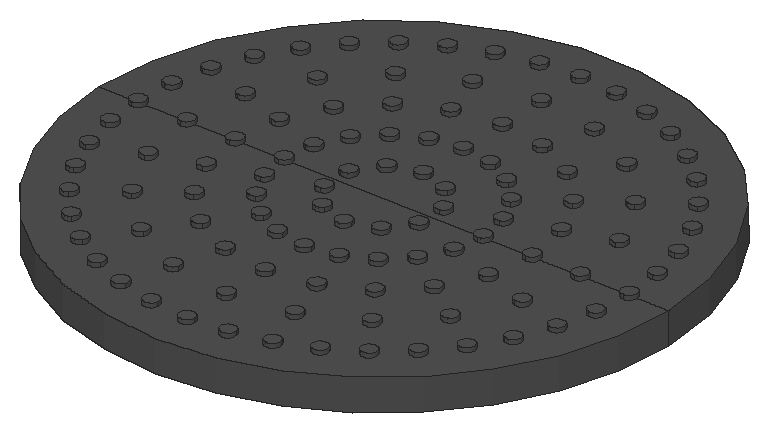
Revit family "Reece_Shower_Roca_Ona_Overhead Shower", category Plumbing Fixtures, host Face, Revit 2018
Family settings
  Host = Face
  Round Connector Dimension = Use Diameter
  Part Type = Normal
  Cut with Voids When Loaded = No
  Shared = Yes
  Room Calculation Point = Yes
Parameters (values of type "252mm_Matte Black")
  WFU = 0  # constant formula
  URL = "https://www.reece.com.au/product/-15023"
  Type Comments = "Shower"
  Reece_Shower_Inlet = 12 mm  # constant formula
  Reece_Product_Web Page = "https://www.reece.com.au/product/-15023"
  Reece_Product_Type = "Shower"  # constant formula
  Reece_Product_Sub Brand = "Ona"  # constant formula
  Reece_Product_Number = "15023"
  Reece_Product_Mount = ""
  Reece_Product_Description = "Roca Ona ABS Overhead Shower 250mm Matte Black (3 Star)"
  Reece_Product_Brand = "Roca"  # constant formula
  Reece_Overall_Height = 59 mm  # constant formula
  Reece_Overall_Diameter = 252 mm  # constant formula
  Reece_Material_Secondary = Reece_Brass_Matte Black_Rhombus Pattern
  Reece_Material_Main = Reece_Brass_Matte Black
  Reece_Material_Colour = Reece_Plastic_ABS_Matte Black
  Reece_Detail_Shape = "Round"  # constant formula
  Reece_Detail_Disclaimer = "THIS FILE IS THE PROPERTY OF THE REECE GROUP. IT MAY NOT BE REPRODUCED, REVERSE-ENGINEERED, OR MODIFIED. ANY REPUBLICATION, TRANSMISSION, OR DISTRIBUTION FOR THE PURPOSE OF COMMERCIALLY EXPLOITING THE FILES IS PROHIBITED."  # constant formula
  Reece_Detail_Additional = "Shower Head"  # constant formula
  Model = "Ona"
  Manufacturer = "Roca"
  Keynote = "Product #15023, Reece_Shower_Roca_Ona_Overhead Shower - 252mm_Matte Black"
  HWFU = 0  # constant formula
  Disclaimer = "THIS FILE IS THE PROPERTY OF THE REECE GROUP. IT MAY NOT BE REPRODUCED, REVERSE-ENGINEERED, OR MODIFIED. ANY REPUBLICATION, TRANSMISSION, OR DISTRIBUTION FOR THE PURPOSE OF COMMERCIALLY EXPLOITING THE FILES IS PROHIBITED."  # constant formula
  Description = "Roca Ona ABS Overhead Shower 250mm Matte Black (3 Star)"
  Default Elevation = 0 mm
  CWFU = 0  # constant formula
Types (5, lengths in mm): name | URL | Reece_Product_Web Page | Reece_Product_Number | Reece_Product_Description | Reece_Material_Secondary | Reece_Material_Main | Reece_Material_Colour | Keynote | Description
  252mm_Chrome | "https://www.reece.com.au/product/-14961" | "https://www.reece.com.au/product/-14961" | "14961" | "Roca Ona ABS Overhead Shower 250mm Chrome (3 Star)" | Reece_Brass_Chrome_Rhombus Pattern | Reece_Brass_Chrome | Reece_Plastic_Grey | "Product #14961, Reece_Shower_Roca_Ona_Overhead Shower - 252mm_Chrome" | "Roca Ona ABS Overhead Shower 250mm Chrome (3 Star)"
  252mm_Brushed Brass | "https://www.reece.com.au/product/-15026" | "https://www.reece.com.au/product/-15026" | "15026" | "Roca Ona ABS Overhead Shower 250mm Brushed Brass (3 Star)" | Reece_Brass_Brushed_Rhombus Pattern | Reece_Brass_Brushed | Reece_Plastic_Grey | "Product #15026, Reece_Shower_Roca_Ona_Overhead Shower - 252mm_Brushed Brass" | "Roca Ona ABS Overhead Shower 250mm Brushed Brass (3 Star)"
  252mm_Brushed Nickel | "https://www.reece.com.au/product/-15025" | "https://www.reece.com.au/product/-15025" | "15025" | "Roca Ona ABS Overhead Shower 250mm Brushed Nickel (3 Star)" | Reece_Brass_Brushed Nickel_Rhombus Pattern | Reece_Brass_Brushed Nickel | Reece_Plastic_Grey | "Product #15025, Reece_Shower_Roca_Ona_Overhead Shower - 252mm_Brushed Nickel" | "Roca Ona ABS Overhead Shower 250mm Brushed Nickel (3 Star)"
  252mm_Matte White | "https://www.reece.com.au/product/-15024" | "https://www.reece.com.au/product/-15024" | "15024" | "Roca Ona ABS Overhead Shower 250mm Matte White (3 Star)" | Reece_Brass_Brushed Matte White_Rhombus Pattern | Reece_Brass_Brushed Matte White | Reece_Plastic_ABS_White | "Product #15024, Reece_Shower_Roca_Ona_Overhead Shower - 252mm_Matte White" | "Roca Ona ABS Overhead Shower 250mm Matte White (3 Star)"
  252mm_Matte Black | "https://www.reece.com.au/product/-15023" | "https://www.reece.com.au/product/-15023" | "15023" | "Roca Ona ABS Overhead Shower 250mm Matte Black (3 Star)" | Reece_Brass_Matte Black_Rhombus Pattern | Reece_Brass_Matte Black | Reece_Plastic_ABS_Matte Black | "Product #15023, Reece_Shower_Roca_Ona_Overhead Shower - 252mm_Matte Black" | "Roca Ona ABS Overhead Shower 250mm Matte Black (3 Star)"
Reference planes
  plane 1 "Center (Front/Back)": y = 0
  plane 2: z = 0
  plane 3 "Center (Left/Right)": x = 0
  plane 4: x = -126
  plane 5: x = 126
  plane 6: y = 126
  plane 7: y = -126
  plane 8: z = 59
  plane 9 "Surface": z = 57.4
  plane 10: y = -126
Forms (mm)
  Revolve 1, solid, material "Reece_Brass_Matte Black" <- "Reece_Material_Main"
    sketch origin (0, 0, 0) x (1, 0, 0) y (0, 0, 1)
      loop
        line (-17.5, 40.6) -> (-17.5, 34.6) -> (-14.496, 34.6) -> (-17.5, 34.231) -> (-17.5, 31.231) -> (-15.5, 31.231) -> (-15.5, 24.231) -> (-17.5, 24.231) -> (-17.5, 21.231)
        arc (-17.5, 21.231) -> (-16.914, 19.817) -> (-15.5, 19.231) r 2
        line (-15.5, 19.231) -> (-12.4, 19.231) -> (-12.4, 18.431) -> (-9.9, 18.431) -> (-9, 17.531) -> (-9, 15) -> (-11.5, 15) -> (-11.5, 0) -> (-6, 0) -> (-6, 5) -> (0, 5) -> (0, 57.4) -> (-126, 57.4) -> (-126, 43.4) -> (-124, 43.4) -> (-124, 42.6) -> (-19.5, 42.6)
        arc (-19.5, 42.6) -> (-18.086, 42.014) -> (-17.5, 40.6) r 2
      axis (0, 57.4) -> (0, 0)
    angle from 0 to 360
  Revolve 2, solid, material "Reece_Brass_Matte Black_Rhombus Pattern" <- "Reece_Material_Secondary"
    sketch origin (0, 0, 0) x (1, 0, 0) y (0, 0, 1)
      loop
        line (-15.5, 31.231) -> (-17.656, 31.231) -> (-17.656, 24.231) -> (-15.5, 24.231) -> (-15.5, 31.231)
      axis (0, 31.231) -> (0, 24.231)
    angle from 0 to 360
  Extrusion 3, solid, material "Reece_Plastic_ABS_Matte Black" <- "Reece_Material_Colour", detail levels fine
    sketch origin (0, 0, 57.4) x (-1, 0, 0) y (0, -1, 0)
      loop
        circle (33.596, -103.399) r 3.3
      loop
        circle (17.008, -107.381) r 3.3
      loop
        circle (49.358, -96.87) r 3.3
      loop
        circle (63.904, -87.956) r 3.3
      loop
        circle (76.877, -76.877) r 3.3
      loop
        circle (87.956, -63.904) r 3.3
      loop
        circle (96.87, -49.358) r 3.3
      loop
        circle (103.399, -33.596) r 3.3
      loop
        circle (107.381, -17.008) r 3.3
      loop
        circle (82.742, -26.884) r 3.3
      loop
        circle (70.384, -51.137) r 3.3
      loop
        circle (51.137, -70.384) r 3.3
      loop
        circle (26.884, -82.742) r 3.3
      loop
        circle (20.272, -62.389) r 3.3
      loop
        circle (38.559, -53.072) r 3.3
      loop
        circle (53.072, -38.559) r 3.3
      loop
        circle (62.389, -20.272) r 3.3
      loop
        circle (41.846, -13.597) r 3.3
      loop
        circle (35.597, -25.863) r 3.3
      loop
        circle (25.863, -35.597) r 3.3
      loop
        circle (13.597, -41.846) r 3.3
      loop
        circle (12.931, -17.798) r 3.3
      loop
        circle (20.923, -6.798) r 3.3
      loop
        circle (-33.596, -103.399) r 3.3
      loop
        circle (-17.008, -107.381) r 3.3
      loop
        circle (-49.358, -96.87) r 3.3
      loop
        circle (-63.904, -87.956) r 3.3
      loop
        circle (-76.877, -76.877) r 3.3
      loop
        circle (-87.956, -63.904) r 3.3
      loop
        circle (-96.87, -49.358) r 3.3
      loop
        circle (-103.399, -33.596) r 3.3
      loop
        circle (-107.381, -17.008) r 3.3
      loop
        circle (-82.742, -26.884) r 3.3
      loop
        circle (-70.384, -51.137) r 3.3
      loop
        circle (-51.137, -70.384) r 3.3
      loop
        circle (-26.884, -82.742) r 3.3
      loop
        circle (-20.272, -62.389) r 3.3
      loop
        circle (-38.559, -53.072) r 3.3
      loop
        circle (-53.072, -38.559) r 3.3
      loop
        circle (-62.389, -20.272) r 3.3
      loop
        circle (-41.846, -13.597) r 3.3
      loop
        circle (-35.597, -25.863) r 3.3
      loop
        circle (-25.863, -35.597) r 3.3
      loop
        circle (-13.597, -41.846) r 3.3
      loop
        circle (-12.931, -17.798) r 3.3
      loop
        circle (-20.923, -6.798) r 3.3
      loop
        circle (-33.596, 103.399) r 3.3
      loop
        circle (-17.008, 107.381) r 3.3
      loop
        circle (-49.358, 96.87) r 3.3
      loop
        circle (-63.904, 87.956) r 3.3
      loop
        circle (-76.877, 76.877) r 3.3
      loop
        circle (-87.956, 63.904) r 3.3
      loop
        circle (-96.87, 49.358) r 3.3
      loop
        circle (-103.399, 33.596) r 3.3
      loop
        circle (-107.381, 17.008) r 3.3
      loop
        circle (-82.742, 26.884) r 3.3
      loop
        circle (-70.384, 51.137) r 3.3
      loop
        circle (-51.137, 70.384) r 3.3
      loop
        circle (-26.884, 82.742) r 3.3
      loop
        circle (-20.272, 62.389) r 3.3
      loop
        circle (-38.559, 53.072) r 3.3
      loop
        circle (-53.072, 38.559) r 3.3
      loop
        circle (-62.389, 20.272) r 3.3
      loop
        circle (-41.846, 13.597) r 3.3
      loop
        circle (-35.597, 25.863) r 3.3
      loop
        circle (-25.863, 35.597) r 3.3
      loop
        circle (-13.597, 41.846) r 3.3
      loop
        circle (-12.931, 17.798) r 3.3
      loop
        circle (-20.923, 6.798) r 3.3
      loop
        circle (33.596, 103.399) r 3.3
      loop
        circle (17.008, 107.381) r 3.3
      loop
        circle (49.358, 96.87) r 3.3
      loop
        circle (63.904, 87.956) r 3.3
      loop
        circle (76.877, 76.877) r 3.3
      loop
        circle (87.956, 63.904) r 3.3
      loop
        circle (96.87, 49.358) r 3.3
      loop
        circle (103.399, 33.596) r 3.3
      loop
        circle (107.381, 17.008) r 3.3
      loop
        circle (82.742, 26.884) r 3.3
      loop
        circle (70.384, 51.137) r 3.3
      loop
        circle (51.137, 70.384) r 3.3
      loop
        circle (26.884, 82.742) r 3.3
      loop
        circle (20.272, 62.389) r 3.3
      loop
        circle (38.559, 53.072) r 3.3
      loop
        circle (53.072, 38.559) r 3.3
      loop
        circle (62.389, 20.272) r 3.3
      loop
        circle (41.846, 13.597) r 3.3
      loop
        circle (35.597, 25.863) r 3.3
      loop
        circle (25.863, 35.597) r 3.3
      loop
        circle (13.597, 41.846) r 3.3
      loop
        circle (12.931, 17.798) r 3.3
      loop
        circle (20.923, 6.798) r 3.3
      loop
        circle (0, -108.72) r 3.3
      loop
        circle (0, -87) r 3.3
      loop
        circle (0, -65.6) r 3.3
      loop
        circle (0, -44) r 3.3
      loop
        circle (0, -22) r 3.3
      loop
        circle (0, 22) r 3.3
      loop
        circle (0, 44) r 3.3
      loop
        circle (0, 65.6) r 3.3
      loop
        circle (0, 87) r 3.3
      loop
        circle (0, 108.72) r 3.3
      loop
        circle (108.72, 0) r 3.3
      loop
        circle (87, 0) r 3.3
      loop
        circle (65.6, 0) r 3.3
      loop
        circle (44, 0) r 3.3
      loop
        circle (-44, 0) r 3.3
      loop
        circle (-65.6, 0) r 3.3
      loop
        circle (-87, 0) r 3.3
      loop
        circle (-108.72, 0) r 3.3
    from 0 to 1.6
  Extrusion 4, void
    sketch origin (0, 0, 0) x (1, 0, 0) y (0, 0, 1)
      loop
        line (-10.5, 17.531) -> (-13.5, 17.531) -> (-13.5, 9.693) -> (-10.5, 9.693) -> (-10.5, 17.531)
      loop
        line (10.5, 17.531) -> (10.5, 9.693) -> (13.5, 9.693) -> (13.5, 17.531) -> (10.5, 17.531)
    from -3.5 to 3.5
Cuts and joins
  Extrusion 4 cuts Revolve 1
Text (mm)
  text "Reece ©" at (-684.407, -223.434, 0), in view "Ref. Level"
  text "Reece ©" at (290.323, 26.521, 334.836), in view "Reece_Preview"
Dimensions and locks
  equal spacing: plane 7, plane 1 "Center (Front/Back)", plane 6
  "Reece_Overall_Diameter": plane 7 to plane 6
  equal spacing: plane 4, plane 3 "Center (Left/Right)", plane 5
  "Reece_Overall_Diameter": plane 4 to plane 5
  "Reece_Overall_Height": plane 8 to plane 2
  locked: plane 8 to plane 9 "Surface" at 1.6
  aligned and locked: plane 2 to host face
  aligned and locked: level to host face
  aligned and locked: Revolve 1 sketch curve to plane 3 "Center (Left/Right)"
  aligned and locked: Revolve 2 sketch curve to plane 3 "Center (Left/Right)"
  aligned and locked: plane 8 to Extrusion 3
Automatic sketch dimensions
  host sketch curve to host sketch curve = 407.898 mm
  host sketch curve to host sketch curve = 410.737 mm
  Revolve 2 sketch curve to plane 3 "Center (Left/Right)" = 15.5 mm
  Revolve 2 sketch curve to Revolve 2 sketch curve = 2.156 mm
  level to Revolve 2 sketch curve = 24.231 mm
  Revolve 2 sketch curve to Revolve 2 sketch curve = 7 mm
  level to Revolve 2 sketch curve = 8.859 mm
  Revolve 2 sketch curve to Revolve 2 sketch curve = 6.627 mm
  Extrusion 3 sketch curve to Extrusion 3 sketch curve = 0 mm  (x95)
  plane 5 to Extrusion 3 sketch curve = 18.619 mm  (x2)
  Extrusion 3 sketch curve to Extrusion 3 sketch curve = 3.983 mm  (x8)
  Extrusion 3 sketch curve to Extrusion 3 sketch curve = 6.529 mm  (x8)
  Extrusion 3 sketch curve to Extrusion 3 sketch curve = 8.914 mm  (x8)
  Extrusion 3 sketch curve to Extrusion 3 sketch curve = 20.657 mm  (x2)
  Extrusion 3 sketch curve to Extrusion 3 sketch curve = 11.08 mm  (x8)
  Extrusion 3 sketch curve to Extrusion 3 sketch curve = 17.572 mm  (x2)
  Extrusion 3 sketch curve to Extrusion 3 sketch curve = 12.973 mm  (x8)
  Extrusion 3 sketch curve to Extrusion 3 sketch curve = 20.353 mm  (x8)
  Extrusion 3 sketch curve to Extrusion 3 sketch curve = 9.318 mm  (x8)
  Extrusion 3 sketch curve to Extrusion 3 sketch curve = 12.767 mm  (x2)
  Extrusion 3 sketch curve to Extrusion 3 sketch curve = 14.546 mm  (x8)
  Extrusion 3 sketch curve to Extrusion 3 sketch curve = 20.543 mm  (x2)
  Extrusion 3 sketch curve to Extrusion 3 sketch curve = 14.513 mm  (x8)
  Extrusion 3 sketch curve to Extrusion 3 sketch curve = 6.25 mm  (x8)
  Extrusion 3 sketch curve to Extrusion 3 sketch curve = 15.762 mm  (x8)
  Extrusion 3 sketch curve to Extrusion 3 sketch curve = 6.712 mm  (x2)
  Extrusion 3 sketch curve to Extrusion 3 sketch curve = 9.734 mm  (x8)
  plane 1 "Center (Front/Back)" to Extrusion 3 sketch curve = 6.798 mm  (x2)
  plane 3 "Center (Left/Right)" to Extrusion 3 sketch curve = 20.923 mm
  plane 3 "Center (Left/Right)" to Extrusion 3 sketch curve = 20.272 mm  (x2)
  plane 3 "Center (Left/Right)" to Extrusion 3 sketch curve = 17.008 mm  (x2)
  plane 3 "Center (Left/Right)" to Extrusion 3 sketch curve = 13.597 mm  (x2)
  plane 3 "Center (Left/Right)" to Extrusion 3 sketch curve = 12.931 mm  (x2)
  Extrusion 3 sketch curve to plane 3 "Center (Left/Right)" = 12.931 mm  (x2)
  Extrusion 3 sketch curve to plane 3 "Center (Left/Right)" = 13.597 mm  (x2)
  Extrusion 3 sketch curve to plane 3 "Center (Left/Right)" = 17.008 mm  (x2)
  Extrusion 3 sketch curve to plane 3 "Center (Left/Right)" = 20.272 mm  (x2)
  Extrusion 3 sketch curve to Extrusion 3 sketch curve = 7.992 mm  (x2)
  Extrusion 3 sketch curve to Extrusion 3 sketch curve = 12.266 mm  (x6)
  Extrusion 3 sketch curve to Extrusion 3 sketch curve = 6.613 mm  (x6)
  Extrusion 3 sketch curve to Extrusion 3 sketch curve = 16.589 mm  (x6)
  Extrusion 3 sketch curve to Extrusion 3 sketch curve = 18.287 mm  (x6)
  Extrusion 3 sketch curve to Extrusion 3 sketch curve = 12.579 mm  (x6)
  Extrusion 3 sketch curve to Extrusion 3 sketch curve = 17.313 mm  (x6)
  Extrusion 3 sketch curve to plane 1 "Center (Front/Back)" = 6.798 mm  (x2)
  Extrusion 3 sketch curve to plane 1 "Center (Front/Back)" = 13.597 mm  (x2)
  Extrusion 3 sketch curve to plane 1 "Center (Front/Back)" = 17.008 mm  (x2)
  Extrusion 3 sketch curve to Extrusion 3 sketch curve = 11 mm  (x4)
  Extrusion 3 sketch curve to plane 1 "Center (Front/Back)" = 20.272 mm  (x2)
  plane 1 "Center (Front/Back)" to Extrusion 3 sketch curve = 13.597 mm  (x2)
  plane 1 "Center (Front/Back)" to Extrusion 3 sketch curve = 17.008 mm  (x2)
  plane 1 "Center (Front/Back)" to Extrusion 3 sketch curve = 20.272 mm  (x2)
  Extrusion 3 sketch curve to Extrusion 3 sketch curve = 0.516 mm  (x12)
  Extrusion 3 sketch curve to Extrusion 3 sketch curve = 1.02 mm  (x56)
  Extrusion 3 sketch curve to Extrusion 3 sketch curve = 1.498 mm  (x12)
  Extrusion 3 sketch curve to Extrusion 3 sketch curve = 1.94 mm  (x52)
  Extrusion 3 sketch curve to Extrusion 3 sketch curve = 2.333 mm  (x12)
  Extrusion 3 sketch curve to Extrusion 3 sketch curve = 2.67 mm  (x56)
  Extrusion 3 sketch curve to Extrusion 3 sketch curve = 2.94 mm  (x12)
  Extrusion 3 sketch curve to Extrusion 3 sketch curve = 3.138 mm  (x52)
  Extrusion 3 sketch curve to Extrusion 3 sketch curve = 3.259 mm  (x12)
  Extrusion 3 sketch curve to plane 3 "Center (Left/Right)" = 0 mm  (x10)
  Extrusion 3 sketch curve to Extrusion 3 sketch curve = 0.822 mm  (x4)
  plane 3 "Center (Left/Right)" to Extrusion 3 sketch curve = 3.3 mm  (x10)
  Extrusion 3 sketch curve to Extrusion 3 sketch curve = 21.72 mm  (x2)
  Extrusion 3 sketch curve to Extrusion 3 sketch curve = 2.191 mm  (x4)
  Extrusion 3 sketch curve to Extrusion 3 sketch curve = 1.134 mm  (x4)
  Extrusion 3 sketch curve to Extrusion 3 sketch curve = 2.262 mm  (x2)
  Extrusion 3 sketch curve to Extrusion 3 sketch curve = 21.4 mm  (x2)
  plane 1 "Center (Front/Back)" to Extrusion 3 sketch curve = 0 mm  (x8)
  Extrusion 3 sketch curve to Extrusion 3 sketch curve = 3.3 mm  (x5)
  Extrusion 3 sketch curve to plane 1 "Center (Front/Back)" = 3.3 mm  (x3)
  Extrusion 4 sketch curve to plane 3 "Center (Left/Right)" = 13.5 mm
  Extrusion 4 sketch curve to Extrusion 4 sketch curve = 3 mm  (x2)
  plane 3 "Center (Left/Right)" to Extrusion 4 sketch curve = 10.5 mm
  level to Extrusion 4 sketch curve = 9.693 mm  (x2)
  Extrusion 4 sketch curve to Extrusion 4 sketch curve = 7.838 mm  (x2)
  Revolve 1 sketch curve to plane 4 = 0 mm
  Revolve 1 sketch curve to level = 0 mm
  Revolve 1 sketch curve to plane 3 "Center (Left/Right)" = 0 mm
  Revolve 1 sketch curve to plane 9 "Surface" = 0 mm
  plane 4 to Revolve 1 sketch curve = 2 mm
  Revolve 1 sketch curve to plane 3 "Center (Left/Right)" = 19.5 mm
  Revolve 1 sketch curve to Revolve 1 sketch curve = 2 mm  (x3)
  Revolve 1 sketch curve to Revolve 1 sketch curve = 0 mm  (x2)
  Revolve 1 sketch curve to Revolve 1 sketch curve = 3.004 mm
  Revolve 1 sketch curve to Revolve 1 sketch curve = 3.1 mm
  Revolve 1 sketch curve to plane 3 "Center (Left/Right)" = 11.5 mm
  Revolve 1 sketch curve to Revolve 1 sketch curve = 2.5 mm
  Revolve 1 sketch curve to Revolve 1 sketch curve = 0.9 mm  (x2)
  Revolve 1 sketch curve to Revolve 1 sketch curve = 5.5 mm
  level to Revolve 1 sketch curve = 5 mm
  Revolve 1 sketch curve to Revolve 1 sketch curve = 10 mm
  Revolve 1 sketch curve to Revolve 1 sketch curve = 2.531 mm
  Revolve 1 sketch curve to Revolve 1 sketch curve = 0.8 mm  (x2)
  Revolve 1 sketch curve to Revolve 1 sketch curve = 3 mm  (x2)
  Revolve 1 sketch curve to Revolve 1 sketch curve = 7 mm
  Revolve 1 sketch curve to Revolve 1 sketch curve = 0.369 mm
  Revolve 1 sketch curve to Revolve 1 sketch curve = 6 mm
  Revolve 1 sketch curve to level = 17.778 mm
  Revolve 1 sketch curve to Revolve 1 sketch curve = 15 mm
Connectors
  piping at (0, 0, 5), diameter 12, driven by "Reece_Shower_Inlet"
    settings: on Revolve 1, index 1, connector inside diameter 609.6 mm, connector length 0 mm, flow factor 0, pipe flow 0.0 L/s, pressure drop 0.0 Pa, fitting loss kfactor 0, connector angle 0.00°, fixture units 0, engagement length 0 mm, angle of deflection 0.00°, flow configuration 0, flow direction 1, fitting loss method 0, system type 29, joint type 0, gender type 0, connector reference index -1, connector utility 0, adjustable connector no, is connector primary yes, connector description ""
